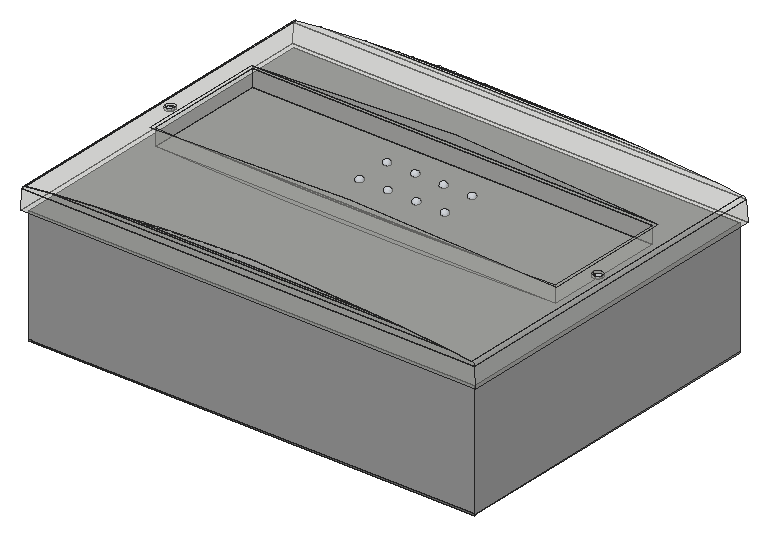
Revit family "Maxlogic Расширительный блок для оповещателей, 4 выхода", category Fire Alarm Devices, host Face, Revit 2021
Family settings
  Host = Face
  Maintain Annotation Orientation = Yes
  Round Connector Dimension = Use Diameter
  Part Type = Normal
  OmniClass Number = 23.85.30.21
  OmniClass Title = Environmental Detection/Registration
  Cut with Voids When Loaded = No
  Shared = No
  Room Calculation Point = No
Parameters (values of type "Maxlogic Расширительный блок для оповещателей, 4 выхода")
  Вес = ""
  Монтажный короб для установки извещателя с поверхностной прокладкой кабеля = ""
  Гарантийный срок = "Года"
  Гарантийный срок запчастей = "2"
  Гарантия срока службы = "2"
  Версия = ""
  URL = "https://www.mavili.com.tr/"
  Монтажный комплект для установки извещателя в подвесной потолок = ""
  Номер позы общественных работ = ""
  Класс защиты = ""
  Код продукта = "ML-0314"
  Номер телефона = "(+)90 216 466 45 05"
  Рабочее напряжение (по умолчанию) = ""
  Диапазон рабочего напряжения = ""
  Рабочая Температура = "(-5°C) - (+50°C)"
  Номинальная глубина = "130 мм"
  Номинальная ширина = "400 мм"
  Номинальная высота = "300 мм"
  Монтажная поверхность = "Настенная"
  Монтажная высота = ""
  Model = "Maxlogic"
  Manufacturer = "Mavili Elektronik Ticaret A.Ş."
  Инструкция по установке = "https://mavilielektronik.com/Revit/ML0314_kk.pdf"
  Выход индикации = ""
  Номер факса = "(+)90 216 466 45 10"
  Резервное питание = "220 В Перем. ток"
  Почта = "mavili@mavili.com.tr"
  Отказ = ""
  Настройка адреса устройства = ""
  Description = "Расширительный блок для оповещателей, 4 выхода"
  Default Elevation = 0 mm
  Потребление тока = ""
  Валюта = ""
  Cost = 0
  Совместимые базы для монтажа = ""
  Цвет = "Белый"
  Производительность кода = "EN 54-4 / EN 54-18"
  Главный Материал = "Серый металлический"
  Вторичный материал = "Белый пластмассовый ABS"
  Аккумулятор = "2 X  (12В Пост. ток 7 Aм/ч. )"
  Assembly Code = ""
  Адрес №1 = "Şerifali Mahallesi Kutup Sokak No:27/1-2-4 Ümraniye TR-34775 İSTANBUL"
Reference planes
  plane 1 "Center (Front/Back)": y = 0
  plane 2: z = 0
  plane 3 "Center (Left/Right)": x = 0
Forms (mm)
  Extrusion 1, solid, material "mavili arka kasa"
    sketch origin (-210, -150, 148.173) x (1, 0, 0) y (0, 0, -1)
      loop
        line (42.905, 45.3) -> (434.905, 45.3) -> (434.905, 146.904)
        arc (434.905, 146.904) -> (434.545, 147.715) -> (433.785, 148.173) r 1.476
        line (433.785, 148.173) -> (44.505, 148.173)
        arc (44.505, 148.173) -> (43.374, 147.704) -> (42.905, 146.573) r 1.6
        line (42.905, 146.573) -> (42.905, 45.3)
    from 0 to 300
  Extrusion 2, solid, material "Mavili beyaz"
    sketch origin (-210, -150, 180.173) x (1, 0, 0) y (0, 0, -1)
      loop
        line (38.905, 77.3) -> (39.824, 59.769)
        arc (39.824, 59.769) -> (40.651, 57.854) -> (42.526, 56.941) r 3
        arc (42.526, 56.941) -> (238.905, 47.3) -> (435.284, 56.941) r 2005
        arc (435.284, 56.941) -> (437.16, 57.854) -> (437.987, 59.769) r 3
        line (437.987, 59.769) -> (438.905, 77.3) -> (38.905, 77.3)
    from 0 to 300
  Extrusion 3, void
    sketch origin (-167.095, -150, 70.872) x (0, 0, 1) y (0, -1, 0)
      loop
        arc (-69.27, -296) -> (-70.403, -295.532) -> (-70.872, -294.4) r 1.6
        line (-70.872, -294.4) -> (-70.872, -300) -> (32, -300) -> (32, -296) -> (-69.27, -296)
    from 0 to 392
  Extrusion 4, void
    sketch origin (-167.095, 150, 70.872) x (0, 0, 1) y (0, -1, 0)
      loop
        line (-69.27, 296) -> (32, 296) -> (32, 300) -> (-70.872, 300) -> (-70.872, 294.4)
        arc (-70.872, 294.4) -> (-70.403, 295.532) -> (-69.27, 296) r 1.6
    from 0 to 392
  Extrusion 5, void
    sketch origin (-210, -150, 180.173) x (0, 0, -1) y (0, 1, 0)
      loop
        line (55.289, 116.326) -> (55.289, 228.158) -> (47.3, 228.297) -> (47.3, 111.721) -> (55.289, 116.326)
    from 24.201 to 445
  Extrusion 6, void
    sketch origin (-210, -150, 180.173) x (0, 0, -1) y (0, 1, 0)
      loop
        arc (47.3, 295.581) -> (48.124, 297.646) -> (50.143, 298.577) r 3
        line (50.143, 298.577) -> (51.913, 298.669) -> (55.057, 298.834) -> (59.769, 299.081) -> (77.3, 300) -> (50, 300) -> (47.3, 300) -> (47.3, 295.581)
    from 24.201 to 445
  Extrusion 7, void
    sketch origin (-210, 150, 180.173) x (0, 0, -1) y (0, 1, 0)
      loop
        line (47.3, -295.581) -> (47.3, -300) -> (50, -300) -> (77.3, -300) -> (59.769, -299.081) -> (55.057, -298.834) -> (51.913, -298.669) -> (50.143, -298.577)
        arc (50.143, -298.577) -> (48.124, -297.646) -> (47.3, -295.581) r 3
    from 24.201 to 445
  Extrusion 8, void
    sketch origin (-167.095, 146, 35.472) x (0, 0, -1) y (1, 0, 0)
      loop
        line (-13.523, 66.9) -> (-13.523, 68.054)
        arc (-13.523, 68.054) -> (-15, 68.144) -> (-16.477, 68.054) r 12.144
        line (-16.477, 68.054) -> (-16.477, 66.9)
        arc (-16.477, 66.9) -> (-26, 56.025) -> (-16.527, 45.106) r 11
        line (-16.527, 45.106) -> (-16.527, 43.952)
        arc (-16.527, 43.952) -> (-15, 43.856) -> (-13.473, 43.952) r 12.144
        line (-13.473, 43.952) -> (-13.473, 45.106)
        arc (-13.473, 45.106) -> (-4, 56.025) -> (-13.523, 66.9) r 11
    from 0 to 1
  Extrusion 9, void
    sketch origin (-127.095, 146, 35.472) x (0, 0, -1) y (1, 0, 0)
      loop
        line (-13.523, 66.9) -> (-13.523, 68.054)
        arc (-13.523, 68.054) -> (-15, 68.144) -> (-16.477, 68.054) r 12.144
        line (-16.477, 68.054) -> (-16.477, 66.9)
        arc (-16.477, 66.9) -> (-26, 56.025) -> (-16.527, 45.106) r 11
        line (-16.527, 45.106) -> (-16.527, 43.952)
        arc (-16.527, 43.952) -> (-15, 43.856) -> (-13.473, 43.952) r 12.144
        line (-13.473, 43.952) -> (-13.473, 45.106)
        arc (-13.473, 45.106) -> (-4, 56.025) -> (-13.523, 66.9) r 11
    from 0 to 1
  Extrusion 10, void
    sketch origin (-87.095, 146, 35.472) x (0, 0, -1) y (1, 0, 0)
      loop
        line (-13.523, 66.9) -> (-13.523, 68.054)
        arc (-13.523, 68.054) -> (-15, 68.144) -> (-16.477, 68.054) r 12.144
        line (-16.477, 68.054) -> (-16.477, 66.9)
        arc (-16.477, 66.9) -> (-26, 56.025) -> (-16.527, 45.106) r 11
        line (-16.527, 45.106) -> (-16.527, 43.952)
        arc (-16.527, 43.952) -> (-15, 43.856) -> (-13.473, 43.952) r 12.144
        line (-13.473, 43.952) -> (-13.473, 45.106)
        arc (-13.473, 45.106) -> (-4, 56.025) -> (-13.523, 66.9) r 11
    from 0 to 1
  Extrusion 11, void
    sketch origin (-47.095, 146, 35.472) x (0, 0, -1) y (1, 0, 0)
      loop
        line (-13.523, 66.9) -> (-13.523, 68.054)
        arc (-13.523, 68.054) -> (-15, 68.144) -> (-16.477, 68.054) r 12.144
        line (-16.477, 68.054) -> (-16.477, 66.9)
        arc (-16.477, 66.9) -> (-26, 56.025) -> (-16.527, 45.106) r 11
        line (-16.527, 45.106) -> (-16.527, 43.952)
        arc (-16.527, 43.952) -> (-15, 43.856) -> (-13.473, 43.952) r 12.144
        line (-13.473, 43.952) -> (-13.473, 45.106)
        arc (-13.473, 45.106) -> (-4, 56.025) -> (-13.523, 66.9) r 11
    from 0 to 1
  Extrusion 12, void
    sketch origin (-7.095, 146, 35.472) x (0, 0, -1) y (1, 0, 0)
      loop
        line (-13.523, 66.9) -> (-13.523, 68.054)
        arc (-13.523, 68.054) -> (-15, 68.144) -> (-16.477, 68.054) r 12.144
        line (-16.477, 68.054) -> (-16.477, 66.9)
        arc (-16.477, 66.9) -> (-26, 56.025) -> (-16.527, 45.106) r 11
        line (-16.527, 45.106) -> (-16.527, 43.952)
        arc (-16.527, 43.952) -> (-15, 43.856) -> (-13.473, 43.952) r 12.144
        line (-13.473, 43.952) -> (-13.473, 45.106)
        arc (-13.473, 45.106) -> (-4, 56.025) -> (-13.523, 66.9) r 11
    from 0 to 1
  Extrusion 13, void
    sketch origin (32.905, 146, 35.472) x (0, 0, -1) y (1, 0, 0)
      loop
        line (-13.523, 66.9) -> (-13.523, 68.054)
        arc (-13.523, 68.054) -> (-15, 68.144) -> (-16.477, 68.054) r 12.144
        line (-16.477, 68.054) -> (-16.477, 66.9)
        arc (-16.477, 66.9) -> (-26, 56.025) -> (-16.527, 45.106) r 11
        line (-16.527, 45.106) -> (-16.527, 43.952)
        arc (-16.527, 43.952) -> (-15, 43.856) -> (-13.473, 43.952) r 12.144
        line (-13.473, 43.952) -> (-13.473, 45.106)
        arc (-13.473, 45.106) -> (-4, 56.025) -> (-13.523, 66.9) r 11
    from 0 to 1
  Extrusion 14, void
    sketch origin (72.905, 146, 35.472) x (0, 0, -1) y (1, 0, 0)
      loop
        line (-13.523, 66.9) -> (-13.523, 68.054)
        arc (-13.523, 68.054) -> (-15, 68.144) -> (-16.477, 68.054) r 12.144
        line (-16.477, 68.054) -> (-16.477, 66.9)
        arc (-16.477, 66.9) -> (-26, 56.025) -> (-16.527, 45.106) r 11
        line (-16.527, 45.106) -> (-16.527, 43.952)
        arc (-16.527, 43.952) -> (-15, 43.856) -> (-13.473, 43.952) r 12.144
        line (-13.473, 43.952) -> (-13.473, 45.106)
        arc (-13.473, 45.106) -> (-4, 56.025) -> (-13.523, 66.9) r 11
    from 0 to 1
  Extrusion 15, void
    sketch origin (112.905, 146, 35.472) x (0, 0, -1) y (1, 0, 0)
      loop
        line (-13.523, 66.9) -> (-13.523, 68.054)
        arc (-13.523, 68.054) -> (-15, 68.144) -> (-16.477, 68.054) r 12.144
        line (-16.477, 68.054) -> (-16.477, 66.9)
        arc (-16.477, 66.9) -> (-26, 56.025) -> (-16.527, 45.106) r 11
        line (-16.527, 45.106) -> (-16.527, 43.952)
        arc (-16.527, 43.952) -> (-15, 43.856) -> (-13.473, 43.952) r 12.144
        line (-13.473, 43.952) -> (-13.473, 45.106)
        arc (-13.473, 45.106) -> (-4, 56.025) -> (-13.523, 66.9) r 11
    from 0 to 1
  Extrusion 16, void
    sketch origin (-210, -33.417, 124.884) x (-1, 0, 0) y (0, 1, 0)
      loop
        line (-62.836, 2.214) -> (-62.836, 108.579)
        spline (-62.836, 108.579) -> (-92.123, 108.62) -> (-121.442, 108.654) -> (-150.785, 108.681) -> (-180.148, 108.699) -> (-209.524, 108.711) -> (-238.905, 108.714) -> (-268.287, 108.711) -> (-297.662, 108.699) -> (-327.025, 108.681) -> (-356.369, 108.654) -> (-385.687, 108.62) -> (-414.974, 108.579)
        line (-414.974, 108.579) -> (-414.974, 2.214)
        spline (-414.974, 2.214) -> (-385.687, 0.847) -> (-356.369, -0.273) -> (-327.025, -1.144) -> (-297.662, -1.766) -> (-268.287, -2.14) -> (-238.905, -2.264) -> (-209.524, -2.14) -> (-180.148, -1.766) -> (-150.785, -1.144) -> (-121.442, -0.273) -> (-92.123, 0.847) -> (-62.836, 2.214)
    from 0 to 15
  Extrusion 17, void
    sketch origin (-210, -33.417, 124.884) x (-1, 0, 0) y (0, 1, 0)
      loop
        circle (-50.905, 33.417) r 4.25
    from 0 to 3
  Extrusion 18, solid
    sketch origin (-210, -33.442, 121.884) x (0, 1, 0) y (-1, 0, 0)
      loop
        line (35.753, -50.862) -> (34.597, -48.861) -> (32.286, -48.861) -> (31.13, -50.862) -> (32.286, -52.864) -> (34.597, -52.864) -> (35.753, -50.862)
    from 0 to 1
  Extrusion 19, void
    sketch origin (267.811, -33.417, 124.884) x (-1, 0, 0) y (0, 1, 0)
      loop
        circle (50.905, 33.417) r 4.25
    from 0 to 3
  Extrusion 20, solid
    sketch origin (267.811, -33.442, 121.884) x (0, 1, 0) y (-1, 0, 0)
      loop
        line (35.753, 50.862) -> (34.597, 52.864) -> (32.286, 52.864) -> (31.13, 50.862) -> (32.286, 48.861) -> (34.597, 48.861) -> (35.753, 50.862)
    from 0 to 1
  Revolve 21, solid
    sketch origin (-210, -33.417, 109.884) x (-1, 0, 0) y (0, -1, 0)
      loop
        line (-201.077, -86.417) -> (-201.077, -80.417)
        arc (-201.077, -80.417) -> (-204.077, -83.417) -> (-201.077, -86.417) r 3
      axis (-201.077, -86.417) -> (-201.077, -80.417)
    angle from 0 to -180
  Revolve 22, solid
    sketch origin (-185, -33.417, 109.884) x (-1, 0, 0) y (0, -1, 0)
      loop
        line (-201.077, -86.417) -> (-201.077, -80.417)
        arc (-201.077, -80.417) -> (-204.077, -83.417) -> (-201.077, -86.417) r 3
      axis (-201.077, -86.417) -> (-201.077, -80.417)
    angle from 0 to -180
  Revolve 23, solid
    sketch origin (-160, -33.417, 109.884) x (-1, 0, 0) y (0, -1, 0)
      loop
        line (-201.077, -86.417) -> (-201.077, -80.417)
        arc (-201.077, -80.417) -> (-204.077, -83.417) -> (-201.077, -86.417) r 3
      axis (-201.077, -86.417) -> (-201.077, -80.417)
    angle from 0 to -180
  Revolve 24, solid
    sketch origin (-135, -33.417, 109.884) x (-1, 0, 0) y (0, -1, 0)
      loop
        line (-201.077, -86.417) -> (-201.077, -80.417)
        arc (-201.077, -80.417) -> (-204.077, -83.417) -> (-201.077, -86.417) r 3
      axis (-201.077, -86.417) -> (-201.077, -80.417)
    angle from 0 to -180
  Revolve 25, solid
    sketch origin (-210, -63.417, 109.884) x (-1, 0, 0) y (0, -1, 0)
      loop
        line (-201.077, -86.417) -> (-201.077, -80.417)
        arc (-201.077, -80.417) -> (-204.077, -83.417) -> (-201.077, -86.417) r 3
      axis (-201.077, -86.417) -> (-201.077, -80.417)
    angle from 0 to -180
  Revolve 26, solid
    sketch origin (-185, -63.417, 109.884) x (-1, 0, 0) y (0, -1, 0)
      loop
        line (-201.077, -86.417) -> (-201.077, -80.417)
        arc (-201.077, -80.417) -> (-204.077, -83.417) -> (-201.077, -86.417) r 3
      axis (-201.077, -86.417) -> (-201.077, -80.417)
    angle from 0 to -180
  Revolve 27, solid
    sketch origin (-160, -63.417, 109.884) x (-1, 0, 0) y (0, -1, 0)
      loop
        line (-201.077, -86.417) -> (-201.077, -80.417)
        arc (-201.077, -80.417) -> (-204.077, -83.417) -> (-201.077, -86.417) r 3
      axis (-201.077, -86.417) -> (-201.077, -80.417)
    angle from 0 to -180
  Revolve 28, solid
    sketch origin (-135, -63.417, 109.884) x (-1, 0, 0) y (0, -1, 0)
      loop
        line (-201.077, -86.417) -> (-201.077, -80.417)
        arc (-201.077, -80.417) -> (-204.077, -83.417) -> (-201.077, -86.417) r 3
      axis (-201.077, -86.417) -> (-201.077, -80.417)
    angle from 0 to -180
Cuts and joins
  Extrusion 3, Extrusion 4, Extrusion 8, Extrusion 9, Extrusion 10, Extrusion 11, Extrusion 12, Extrusion 13, Extrusion 14, Extrusion 15 cuts Extrusion 1
  Extrusion 3, Extrusion 4, Extrusion 5, Extrusion 6, Extrusion 7, Extrusion 16, Extrusion 17, Extrusion 19 cuts Extrusion 2
  Extrusion 19 cuts Extrusion 18
Dimensions and locks
  aligned and locked: plane 2 to host face
  aligned and locked: level to host face
Connectors
  electrical at (29.145, 0, 0)
    settings: on cut or joined group of Extrusion 1, Extrusion 3, Extrusion 4, Extrusion 8, Extrusion 9, Extrusion 10, Extrusion 11, Extrusion 12, Extrusion 13, Extrusion 14, Extrusion 15, index 1, voltage 0 V, apparent load 0 VA, apparent load phase1 0 VA, apparent load phase2 0 VA, apparent load phase3 0 VA, power factor 1, load classification "Other", number of poles 1, system type 31, power factor state 1, is connector primary yes, connector utility no, sub classification motor no, connector description ""
